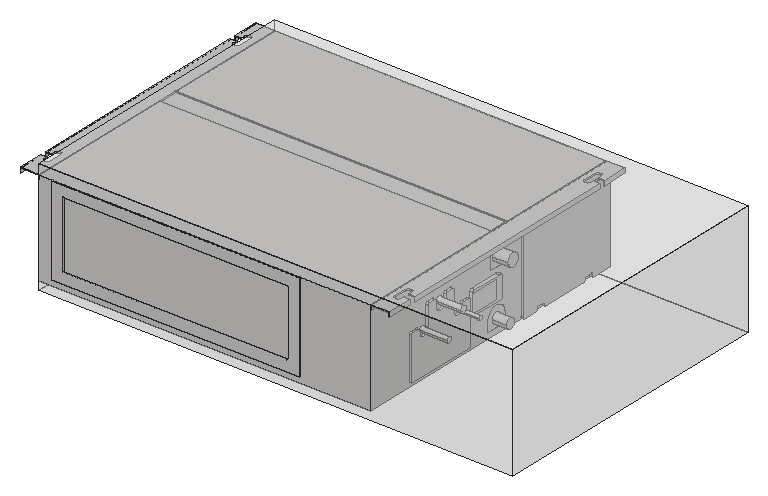
Revit family "outputfile", category 機械設備, Revit 2024
Family settings
  丸型コネクタ寸法 = 半径を使用
  パーツ タイプ = 標準
  OmniClass 番号 = 23.75.10.24.21.27.27
  OmniClass タイトル = Split System Air Conditioning Units
  作業面ベース = いいえ
  常に垂直 = はい
  ロード時にボイドで切り取り = いいえ
  注釈の向きを維持 = いいえ
  共有 = いいえ
  部屋計算ポイント = はい
Parameters (values of type "FPRSQ32APVM")
  Description = ""
  製造元 = "Daikin"
  書き出し IFC クラス(タイプ) = "IfcUnitaryEquipmentType"
  定義済み IFC タイプ(タイプ) = "AIRCONDITIONINGUNIT"
  Cost = 0
  モデル = "FPRSQ32APVM"
  Type Comments = ""
  Keynote = ""
  Type Image = (empty or 0)
  Assembly Code = ""
  r_HP/LP Gas Pipe Size = [HP/LP Gas Pipe Size] / 2  # 4.75 mm
  lw_suctionflange = 40.0 mm  # constant formula
  r_Liquid Pipe Size = Liquid Pipe Size / 2  # 3.2 mm
  r_Gas Pipe Size = Gas Pipe Size / 2  # 6.35 mm
  r_Drain Pipe Size = Drain Pipe Size / 2  # 13.0 mm
  lw_dischargeflange = 61.0 mm
  lw_SA_left = 351.0 mm
  lw_SA = Width - 178.0 mm  # 522.0 mm
  lw_RA = 618.0 mm
  lw_HP/LP Gas = 60.0 mm  # constant formula
  lh_suctionflange [instance] = if(Rear Connection_Return Air, -100.0 mm, -10.0 mm)  # -100.0 mm
  lh_power = 100.0 mm  # constant formula
  lh_mountinghole1 = lh_mountinghole  # 200.0 mm
  lh_dischargeflange = 105.5 mm  # constant formula
  lh_RA = 198.0 mm  # constant formula
  lh_HP/LP Gas = -103.0 mm  # constant formula
  left_pipe = no
  ld_dischargeflange = 310.0 mm  # constant formula
  ld_suctionflange [instance] = if(Rear Connection_Return Air, 190.0 mm, 100.0 mm)  # 190.0 mm
  ld_HP/LP Gas = 179.0 mm  # constant formula
  angle_vertical_RA [instance] = if(Rear Connection_Return Air, 90.00°, 0.00°)  # 90.00°
  angle horizontal_RA [instance] = if(Rear Connection_Return Air, 180.00°, 270.00°)  # 180.00°
  Voltage_comment_60Hz = "220-230"
  Voltage_comment_50Hz = "220 - 240"
  Voltage_60Hz = 220 V
  Voltage_50Hz = 230 V
  URL = ""
  Supply Air Direction [instance] = yes
  Sound Power Level_H speed (dB) = 0
  Rear Connection_Return Air [instance] = not(Bottom Connection_Return Air)  # yes
  ld_RA = 190.0 mm  # constant formula
  Phase_60Hz = 1
  Phase_50Hz = 1
  Minimum External Static Pressure = 0.00 Pa
  Minimum Circuit Amps_60Hz = 0.48 A
  Minimum Circuit Amps_50Hz = 0.48 A
  Maximum Fuse Amps_60Hz = 16.0 A
  Maximum Fuse Amps_50Hz = 16.0 A
  Maximum External Static Pressure = 10.00 Pa
  Material_Casing = DAIKIN_GalvanizedSteel_Casing_indoorunit
  lw_mountinghole = 740.0 mm
  lh_gaspipe = -67.0 mm  # constant formula
  lh_mountinghole = 200.0 mm  # constant formula
  lh_liquidpipe = -103.0 mm  # constant formula
  lh_drainpipe = -50.0 mm  # constant formula
  lh_antena = 1.0 mm  # constant formula
  ld_drainpipe = 23.0 mm  # constant formula
  ld_liquidpipe = 89.0 mm  # constant formula
  ld_gaspipe = 134.0 mm  # constant formula
  ld_mountinghole = 500.0 mm  # constant formula
  h*** = 100.0 mm  # constant formula
  lw_liquidpipe = 54.5 mm  # constant formula
  lw_gaspipe = 54.5 mm  # constant formula
  lw_drainpipe = 33.0 mm  # constant formula
  Width = 700.0 mm
  Version = "ver.1.0"
  Unit Type = "Moisture Control Intelligent 3D Air Flow Ceiling Mounted Duct Type"
  Unit Mass Weight = 24.00 kg
  Unit Designation [instance] = ""
  Uniclass2015Version = "Products v1.30"
  Uniclass2015Title = "Variable refrigerant flow units"
  Uniclass2015Code = "Pr_70_65_03_94"
  Total Cooling Capacity [instance] = 0.000 kW
  Sound Pressure Level_M speed (dBA) = 29
  Sound Pressure Level_L speed (dBA) = 25
  Sound Pressure Level_H speed (dBA) = 32
  Series = "VRV HOME_Fan Coil Unit"
  Sensible Cooling Capacity [instance] = 0.000 kW
  SA Duct Size Width = 456.0 mm
  SA Duct Size Height = 141.0 mm
  Refrigerant Type = "R410A"
  RA Duct Size Width = 580.0 mm
  RA Duct Size Height = 160.0 mm
  Power Input (Cooling) = 0.036 kW
  Option Accessory 3 [instance] = ""
  Option Accessory 2 [instance] = ""
  Option Accessory 1 [instance] = ""
  Nominal Cooling Capacity = 3.600 kW
  Minimum Airflow = 348.00 m³/h
  Median Airflow = 408.00 m³/h
  Maximum Airflow = 498.00 m³/h
  Load Classification = HVAC
  Liquid Pipe Size = 6.4 mm
  Link_Nested Family [instance] = ""
  IfcVersion = ""
  IfcExportType = "AIRCONDITIONINGUNIT"
  IfcExportAs = "IfcUnitaryEquipmentType"
  Height = 200.0 mm
  Heat Exchanger Type = "Cross Fin Coil"
  HP/LP Gas Pipe Size = 9.5 mm
  Gas Pipe Size = 12.7 mm
  Frequency_60Hz = 60 Hz
  Frequency_50Hz = 50 Hz
  Fan Type = "Sirocco Fan"
  Fan Drive = "Direct Drive"
  FCU Tag No. [instance] = ""
  Drain Pipe Size = 26.0 mm
  Design Supply Airflow [instance] = 0.00 m³/h
  Design Return Airflow [instance] = 0.00 m³/h
  Design External Static Pressure [instance] = 0.00 Pa
  Depth = 620.0 mm
  既定の高さ = 0.0 mm
  Cooling Entering Wet Bulb Temperature [instance] = 0.00 °C
  Cooling Entering Dry Bulb Temperature [instance] = 0.00 °C
  Cooling Ambient Wet Bulb Temperature [instance] = 0.00 °C
  Cooling Ambient Dry Bulb Temperature [instance] = 0.00 °C
  Clearance visibility [instance] = yes
  Clearance Top = 20.0 mm
  Clearance Right = 300.0 mm
  Clearance Rear = 0.0 mm
  Clearance Left = 0.0 mm
  Clearance Front = 0.0 mm
  Clearance Bottom = 20.0 mm
  Bottom Connection_Return Air [instance] = no
Reference planes
  plane 1 "Center (Front/Back)": y = 0
  plane 2 "h": z = 0
  plane 3 "Center (Left/Right)": x = 0
  plane 4 "Back": y = 310
  plane 5 "Front": y = -310
  plane 6 "Left": x = -350
  plane 7 "Reight": x = 350
  plane 8 "Top": z = 0
  plane 9 "Bottom": z = -200
  plane 10: z = 1.2
  plane 11: z = -2
  plane 12: y = -136.255
  plane 13: y = -88.831
  plane 14: x = -370
  plane 15 "lh_mountinghole": z = 0
  plane 16: z = -50
  plane 17: y = -250
  plane 18: y = 250
  plane 19 "ld_liquidpipe": y = -89
  plane 20 "ld_gaspipe": y = -134
  plane 21: y = -215
  plane 22 "ld_drainpipe": y = 23
  plane 23: x = -370
  plane 24: x = -350
  plane 25: x = 348.7
  plane 26: x = 383
  plane 27: x = 357
  plane 28: x = 360
  plane 29: x = 358
  plane 30: x = 370
  plane 31: y = 20
  plane 32: x = 380
  plane 33: x = 348
  plane 34: y = 310
  plane 35: y = -310
  plane 36: x = -350
  plane 37: x = 650
  plane 38: z = 20
  plane 39: z = -220
  plane 40: y = 335
  plane 41: z = -198
  plane 42: z = 205.102
  plane 43 "d_liquid_pipe": x = 404.5
  plane 44 "d_gas_pipe": x = 404.5
  plane 45 "ld_SA": y = -310
  plane 46: x = -350
  plane 47: x = -61
  plane 48: y = 500
  plane 49: z = -94.5
  plane 50: x = -349
  plane 51: z = -199
  plane 52: z = -1
  plane 53: y = 120
  plane 54: y = 110
  plane 55: z = -10
  plane 56 "RA_width": x = -40
  plane 57: y = 210
  plane 58 "RA_depth": y = 120
  plane 59: z = -100
  plane 60: x = -349
  plane 61: y = 309
  plane 62: x = 241.57
  plane 63: z = -30
  plane 64 "ld_HP/LP Gas": y = -179
  plane 65: x = 410
  plane 66: x = 330.5
  plane 67: y = 260.8
  plane 68 "h115": z = -84.79
  plane 69: y = 194.79
Forms (mm)
  Extrusion 1, solid, material "DAIKIN_GalvanizedSteel_Casing_indoorunit" <- "Material_Casing"
    sketch origin (0, 0, 0) x (1, 0, 0) y (0, 1, 0)
      loop
        line (-350, 310) -> (-350, -310) -> (350, -310) -> (350, 310) -> (-350, 310)
    from -200 to 0
  Extrusion 2, solid, material "DAIKIN_GalvanizedSteel_Casing_indoorunit" <- "Material_Casing"
    sketch origin (0, 0, 0) x (0, 1, 0) y (0, 0, 1)
      loop
        arc (22.012, -86.909) -> (21.133, -84.787) -> (19.012, -83.909) r 3
        line (19.012, -83.909) -> (-47.992, -83.909)
        arc (-47.992, -83.909) -> (-50.114, -84.788) -> (-50.992, -86.91) r 3
        line (-50.992, -86.91) -> (-50.992, -128.409)
        arc (-50.992, -128.409) -> (-50.114, -130.53) -> (-47.992, -131.409) r 3
        line (-47.992, -131.409) -> (19.012, -131.409)
        arc (19.012, -131.409) -> (21.133, -130.53) -> (22.012, -128.409) r 3
        line (22.012, -128.409) -> (22.012, -86.909)
    from 350 to 360
  Extrusion 3, void
    sketch origin (0, 0, 0) x (1, 0, 0) y (0, 1, 0)
      loop
        line (348.7, 48.53) -> (-350, 48.53) -> (-350, 6.27) -> (348.7, 6.27) -> (348.7, 48.53)
    from -2 to 0
  Extrusion 4, void
    sketch origin (0, 0, 0) x (0, 1, 0) y (0, 0, 1)
      loop
        line (-138.492, -87.409) -> (-138.492, -127.909) -> (9.612, -127.909) -> (9.612, -87.409) -> (-138.492, -87.409)
    from 358 to 360
  Extrusion 5, solid, material "DAIKIN_GalvanizedSteel_Casing_indoorunit" <- "Material_Casing"
    sketch origin (0, 0, 0) x (0, 1, 0) y (0, 0, 1)
      loop
        circle (20, -170) r 10
    from 350 to 380
  Extrusion 6, solid, material "DAIKIN_GalvanizedSteel_Casing_indoorunit" <- "Material_Casing"
    sketch origin (0, 0, 0) x (0, 1, 0) y (0, 0, 1)
      loop
        circle (23, -50) r 13
    from 348 to 383
  Extrusion 7, void
    sketch origin (0, 0, 0) x (0, 1, 0) y (0, 0, 1)
      loop
        arc (2.051, -70.461) -> (3.512, -73.988) -> (7.039, -75.449) r 4.988
        line (7.039, -75.449) -> (38.961, -75.449)
        arc (38.961, -75.449) -> (42.488, -73.988) -> (43.949, -70.461) r 4.988
        line (43.949, -70.461) -> (43.949, -34.039)
        arc (43.949, -34.039) -> (42.488, -30.512) -> (38.961, -29.051) r 4.988
        line (38.961, -29.051) -> (7.039, -29.051)
        arc (7.039, -29.051) -> (3.512, -30.512) -> (2.051, -34.039) r 4.988
        line (2.051, -34.039) -> (2.051, -70.461)
      loop
        arc (44.442, -169.501) -> (20.002, -145.061) -> (-4.438, -169.501) r 24.44
        line (-4.438, -169.501) -> (-4.438, -189.537) -> (44.442, -189.537) -> (44.442, -169.501)
    from 348 to 350
  Extrusion 8, solid
    sketch origin (0, 0, 0) x (0, 1, 0) y (0, 0, 1)
      loop
        circle (-89, -103) r 3.2
    from 350 to 404.5
  Extrusion 9, solid
    sketch origin (0, 0, 0) x (0, 1, 0) y (0, 0, 1)
      loop
        circle (-134, -67) r 6.35
    from 350 to 404.5
  Extrusion 10, solid, material "DAIKIN_GalvanizedSteel_Casing_indoorunit" <- "Material_Casing"
    sketch origin (0, 0, 0) x (1, 0, 0) y (0, 1, 0)
      loop
        circle (330.5, 260.8) r 17.5
    from -198 to -200
  Extrusion 11, void
    sketch origin (0, 0, 0) x (1, 0, 0) y (0, 0, 1)
      loop
        line (-349, -1) -> (-349, -199) -> (269, -199) -> (269, -1) -> (-349, -1)
    from -310 to -120
  Extrusion 12, void
    sketch origin (0, 0, 0) x (1, 0, 0) y (0, 1, 0)
      loop
        line (-349, 309) -> (-349, 111) -> (269, 111) -> (269, 309) -> (-349, 309)
    from -200 to -10
  Extrusion 13, solid, material "DAIKIN_GalvanizedSteel_Casing_indoorunit" <- "Material_Casing", visible <- "Rear Connection_Return Air"
    sketch origin (0, 0, 0) x (1, 0, 0) y (0, 1, 0)
      loop
        line (269, 309) -> (-349, 309) -> (-349, 111) -> (269, 111) -> (269, 309)
    from -200 to -199
  Extrusion 14, solid, material "DAIKIN_GalvanizedSteel_Casing_indoorunit" <- "Material_Casing", visible <- "Bottom Connection_Return Air"
    sketch origin (0, 0, 0) x (1, 0, 0) y (0, 0, 1)
      loop
        line (269, -1) -> (-349, -1) -> (-349, -199) -> (269, -199) -> (269, -1)
    from -310 to -300
  Extrusion 15, solid
    sketch origin (0, 0, 0) x (0, 1, 0) y (0, 0, 1)
      loop
        circle (-179, -103) r 4.75
    from 350 to 410
  Extrusion 16, solid, material "DAIKIN_GalvanizedSteel_Casing_indoorunit" <- "Material_Casing"
    sketch origin (0, 0, 0) x (0, 1, 0) y (0, 0, 1)
      loop
        arc (83.953, -195.012) -> (84.829, -197.128) -> (86.945, -198.005) r 2.993
        line (86.945, -198.005) -> (116.373, -198.005)
        arc (116.373, -198.005) -> (118.489, -197.128) -> (119.366, -195.012) r 2.993
        line (119.366, -195.012) -> (119.366, -188.29)
        arc (119.366, -188.29) -> (120.862, -186.794) -> (122.359, -188.29) r 1.496
        line (122.359, -188.29) -> (122.359, -190.333) -> (137.322, -190.333) -> (137.322, -188.29)
        arc (137.322, -188.29) -> (138.818, -186.794) -> (140.315, -188.29) r 1.496
        line (140.315, -188.29) -> (140.315, -195.012)
        arc (140.315, -195.012) -> (141.191, -197.128) -> (143.307, -198.005) r 2.993
        line (143.307, -198.005) -> (241.068, -198.005)
        arc (241.068, -198.005) -> (243.185, -197.128) -> (244.061, -195.012) r 2.993
        line (244.061, -195.012) -> (244.061, -188.29)
        arc (244.061, -188.29) -> (245.558, -186.794) -> (247.054, -188.29) r 1.496
        line (247.054, -188.29) -> (247.054, -190.333) -> (262.017, -190.333) -> (262.017, -188.29)
        arc (262.017, -188.29) -> (263.514, -186.794) -> (265.01, -188.29) r 1.496
        line (265.01, -188.29) -> (265.01, -195.012)
        arc (265.01, -195.012) -> (265.887, -197.128) -> (268.003, -198.005) r 2.993
        line (268.003, -198.005) -> (310, -198.005) -> (310, -22.445) -> (280.969, -22.445) -> (277.477, -25.937) -> (207.648, -25.937) -> (204.157, -22.445) -> (86.945, -22.445)
        arc (86.945, -22.445) -> (84.829, -23.322) -> (83.953, -25.438) r 2.993
        line (83.953, -25.438) -> (83.953, -195.012)
      loop
        arc (-116.44, -57.656) -> (-118.563, -58.535) -> (-119.443, -60.659) r 3.003
        line (-119.443, -60.659) -> (-119.443, -71.5)
        arc (-119.443, -71.5) -> (-134, -86.057) -> (-148.557, -71.5) r 14.557
        line (-148.557, -71.5) -> (-148.557, -60.659)
        arc (-148.557, -60.659) -> (-149.437, -58.535) -> (-151.56, -57.656) r 3.003
        line (-151.56, -57.656) -> (-164.073, -57.656)
        arc (-164.073, -57.656) -> (-166.196, -58.535) -> (-167.076, -60.659) r 3.003
        line (-167.076, -60.659) -> (-167.076, -103)
        arc (-167.076, -103) -> (-179.13, -115.055) -> (-191.185, -103) r 12.055
        line (-191.185, -103) -> (-191.185, -98.897)
        arc (-191.185, -98.897) -> (-192.064, -96.774) -> (-194.188, -95.894) r 3.003
        line (-194.188, -95.894) -> (-208.202, -95.894)
        arc (-208.202, -95.894) -> (-210.325, -96.774) -> (-211.205, -98.897) r 3.003
        line (-211.205, -98.897) -> (-211.205, -189.537) -> (-58.882, -189.537) -> (-58.882, -98.897)
        arc (-58.882, -98.897) -> (-59.762, -96.774) -> (-61.885, -95.894) r 3.003
        line (-61.885, -95.894) -> (-74.026, -95.894)
        arc (-74.026, -95.894) -> (-76.15, -96.774) -> (-77.029, -98.897) r 3.003
        line (-77.029, -98.897) -> (-77.029, -103)
        arc (-77.029, -103) -> (-88.977, -114.948) -> (-100.924, -103) r 11.948
        line (-100.924, -103) -> (-100.924, -60.659)
        arc (-100.924, -60.659) -> (-101.804, -58.535) -> (-103.927, -57.656) r 3.003
        line (-103.927, -57.656) -> (-116.44, -57.656)
    from 350 to 357
  Revolve 17, solid, material "DAIKIN_GalvanizedSteel_Casing_indoorunit" <- "Material_Casing", visible <- "left_pipe"
    sketch origin (0, 0, -84.79) x (0, 1, 0) y (-1, 0, 0)
      loop
        line (194.79, 350) -> (194.79, 365.7) -> (187.29, 365.7) -> (187.29, 358.7) -> (177.29, 358.7) -> (177.29, 350) -> (194.79, 350)
      axis (194.79, 365.7) -> (194.79, 350)
    angle from 0 to 360
Cuts and joins
  Extrusion 3, Extrusion 4, Extrusion 7, Extrusion 11, Extrusion 12 cuts Extrusion 1
  Extrusion 4 cuts Extrusion 2
  Extrusion 11 cuts Extrusion 6
Dimensions and locks
  "Height": plane 8 "Top" to plane 9 "Bottom"
  locked: plane 10 to plane 8 "Top" at 1.2
  locked: plane 8 "Top" to plane 11 at 2
  equal spacing: plane 17, plane 1 "Center (Front/Back)", plane 18
  "ld_mountinghole": plane 17 to plane 18
  "ld_gaspipe": plane 20 "ld_gaspipe" to plane 1 "Center (Front/Back)"
  "ld_liquidpipe": plane 19 "ld_liquidpipe" to plane 1 "Center (Front/Back)"
  equal spacing: plane 4 "Back", plane 1 "Center (Front/Back)", plane 5 "Front"
  "Depth": plane 4 "Back" to plane 5 "Front"
  locked: plane 12 to plane 1 "Center (Front/Back)" at 136.255
  locked: plane 12 to plane 13 at 47.425
  locked: plane 13 to plane 1 "Center (Front/Back)" at 88.831
  equal spacing: plane 6 "Left", plane 3 "Center (Left/Right)", plane 7 "Reight"
  "Width": plane 6 "Left" to plane 7 "Reight"
  "lw_drainpipe": plane 7 "Reight" to plane 26
  locked: plane 7 "Reight" to plane 27 at 7
  locked: plane 28 to plane 26 at 23
  locked: plane 29 to plane 26 at 25
  equal spacing: plane 23, plane 3 "Center (Left/Right)", plane 30
  "lw_mountinghole": plane 23 to plane 30
  locked: plane 7 "Reight" to plane 32 at 30
  locked: plane 33 to plane 7 "Reight" at 2
  "Clearance Left": plane 36 to plane 6 "Left"
  "Clearance Right": plane 7 "Reight" to plane 37
  "Clearance Rear": plane 34 to plane 4 "Back"
  "Clearance Front": plane 5 "Front" to plane 35
  "Clearance Top": plane 38 to plane 8 "Top"
  "Clearance Bottom": plane 9 "Bottom" to plane 39
  locked: plane 40 to plane 4 "Back" at 25
  locked: plane 25 to plane 7 "Reight" at 1.3
  locked: plane 41 to plane 9 "Bottom" at 2
  "lw_liquidpipe": plane 7 "Reight" to plane 43 "d_liquid_pipe"
  "lw_gaspipe": plane 7 "Reight" to plane 44 "d_gas_pipe"
  "lh_mountinghole": plane 15 "lh_mountinghole" to plane 9 "Bottom"
  "ld_suctionflange": plane 48 to plane 4 "Back"
  "lw_dischargeflange": plane 47 to plane 3 "Center (Left/Right)"
  "lh_dischargeflange": plane 49 to plane 9 "Bottom"
  locked: plane 8 "Top" to plane 52 at 1
  locked: plane 50 to plane 6 "Left" at 1
  locked: plane 51 to plane 9 "Bottom" at 1
  locked: plane 55 to plane 9 "Bottom" at 190
  locked: plane 4 "Back" to plane 53 at 190
  locked: plane 4 "Back" to plane 54 at 200
  locked: plane 4 "Back" to plane 57 at 100
  "lw_suctionflange": plane 56 "RA_width" to plane 3 "Center (Left/Right)"
  "ld_suctionflange": plane 4 "Back" to plane 58 "RA_depth"
  "lh_power": plane 59 to plane 9 "Bottom"
  locked: plane 46 to plane 60 at 1
  locked: plane 34 to plane 61 at 1
  locked: plane 8 "Top" to plane 63 at 30
  locked: plane 7 "Reight" to plane 62 at 108.43
  locked: plane 16 to plane 9 "Bottom" at 150
  locked: Extrusion 3 sketch curve to Extrusion 3 sketch curve at 42.26
  "ld_HP/LP Gas": plane 64 "ld_HP/LP Gas" to plane 1 "Center (Front/Back)"
  "ld_drainpipe": plane 1 "Center (Front/Back)" to plane 22 "ld_drainpipe"
  locked: plane 1 "Center (Front/Back)" to plane 31 at 20
  locked: Extrusion 5 sketch curve to plane 9 "Bottom" at 30
  Extrusion 15 sketch curve to plane 9 "Bottom" = 97.0 mm
  "lw_HP/LP Gas": plane 7 "Reight" to plane 65
  locked: Extrusion 9 sketch curve to plane 9 "Bottom" at 133
  locked: Extrusion 8 sketch curve to plane 9 "Bottom" at 97
  plane 66 to plane 7 "Reight" = 19.5 mm
  locked: plane 68 "h115" to plane 9 "Bottom" at 115.21
  locked: plane 4 "Back" to plane 69 at 115.21
  Revolve 17 sketch curve to plane 6 "Left" = 8.7 mm
  Revolve 17 sketch curve to plane 6 "Left" = 15.7 mm
  locked: plane 69 to Revolve 17 sketch curve at 17.5
  locked: plane 69 to Revolve 17 sketch curve at 7.5
  "ld_dischargeflange": plane 45 "ld_SA" to plane 1 "Center (Front/Back)"
  plane 4 "Back" to cut or joined group of Extrusion 1, Extrusion 3, Extrusion 4, Extrusion 7, Extrusion 11, Extrusion 12 = 261.47 mm
  plane 4 "Back" to plane 67 = 49.2 mm
  "Drain Pipe Size": diameter of Extrusion 6 sketch curve
  "Liquid Pipe Size": diameter of Extrusion 8 sketch curve
  "Gas Pipe Size": diameter of Extrusion 9 sketch curve
  "HP/LP Gas Pipe Size": diameter of Extrusion 15 sketch curve
  aligned and locked: level to plane 2 "h"
  aligned and locked: plane 8 "Top" to Extrusion 1
  aligned and locked: Extrusion 1 to plane 9 "Bottom"
  aligned and locked: Extrusion 3 to plane 11
  aligned and locked: plane 8 "Top" to Extrusion 3
  aligned and locked: Extrusion 2 to Extrusion 4
  aligned and locked: nested 3 to plane 20 "ld_gaspipe"
  aligned and locked: nested 4 to plane 19 "ld_liquidpipe"
  aligned and locked: nested 5 to plane 22 "ld_drainpipe"
  aligned and locked: nested 1 to plane 7 "Reight"
  aligned and locked: plane 6 "Left" to plane 24
  aligned and locked: Extrusion 3 sketch curve to plane 24
  aligned and locked: Extrusion 3 sketch curve to plane 25
  aligned and locked: cut or joined group of Extrusion 1, Extrusion 3, Extrusion 4, Extrusion 7, Extrusion 11, Extrusion 12 to plane 6 "Left"
  aligned and locked: plane 7 "Reight" to cut or joined group of Extrusion 1, Extrusion 3, Extrusion 4, Extrusion 7, Extrusion 11, Extrusion 12
  aligned and locked: plane 26 to Extrusion 6
  aligned and locked: Extrusion 6 to plane 26  (x2)
  aligned and locked: plane 7 "Reight" to nested 1
  aligned and locked: plane 28 to cut or joined group of Extrusion 2, Extrusion 4
  aligned and locked: cut or joined group of Extrusion 2, Extrusion 4 to plane 29
  aligned and locked: nested 2 to plane 6 "Left"
  aligned and locked: plane 31 to Extrusion 5 sketch curve
  aligned and locked: Extrusion 5 to plane 7 "Reight"
  aligned and locked: plane 32 to Extrusion 5
  aligned and locked: Extrusion 2 to plane 7 "Reight"
  aligned and locked: plane 7 "Reight" to Extrusion 7
  aligned and locked: plane 33 to Extrusion 7
  aligned and locked: plane 33 to Extrusion 6
  aligned and locked: plane 3 "Center (Left/Right)" to nested 6
  aligned and locked: plane 1 "Center (Front/Back)" to nested 6
  aligned and locked: plane 4 "Back" to cut or joined group of Extrusion 1, Extrusion 3, Extrusion 4, Extrusion 7, Extrusion 11, Extrusion 12
  aligned and locked: nested 7 to plane 35
  aligned and locked: plane 36 to nested 7
  aligned and locked: plane 37 to nested 7
  aligned and locked: nested 7 to plane 36
  aligned and locked: plane 34 to nested 7
  aligned and locked: plane 38 to nested 7
  aligned and locked: plane 39 to nested 7
  aligned and locked: Extrusion 8 to plane 7 "Reight"
  aligned and locked: plane 43 "d_liquid_pipe" to Extrusion 8
  aligned and locked: plane 20 "ld_gaspipe" to Extrusion 9 sketch curve
  aligned and locked: Extrusion 9 to plane 7 "Reight"
  aligned and locked: plane 44 "d_gas_pipe" to Extrusion 9
  aligned and locked: plane 44 "d_gas_pipe" to nested 3
  aligned and locked: plane 43 "d_liquid_pipe" to nested 4
  aligned and locked: plane 19 "ld_liquidpipe" to Extrusion 8 sketch curve
  aligned and locked: plane 15 "lh_mountinghole" to nested 2
  aligned and locked: plane 15 "lh_mountinghole" to nested 1
  aligned and locked: plane 30 to nested 8
  aligned and locked: plane 17 to nested 8
  aligned and locked: plane 30 to nested 11
  aligned and locked: plane 18 to nested 11
  aligned and locked: plane 23 to nested 9
  aligned and locked: plane 18 to nested 9
  aligned and locked: plane 23 to nested 10
  aligned and locked: plane 17 to nested 10
  aligned and locked: plane 47 to nested 12
  aligned and locked: plane 49 to nested 12
  aligned and locked: Extrusion 10 to plane 9 "Bottom"
  aligned and locked: nested 13 to plane 9 "Bottom"
  aligned and locked: plane 50 to Extrusion 11 sketch curve
  aligned and locked: Extrusion 11 sketch curve to plane 52
  aligned and locked: plane 51 to Extrusion 11 sketch curve
  aligned and locked: plane 4 "Back" to Extrusion 11
  aligned and locked: Extrusion 12 to plane 9 "Bottom"
  aligned and locked: plane 55 to Extrusion 12
  aligned and locked: Extrusion 13 sketch curve to cut or joined group of Extrusion 1, Extrusion 3, Extrusion 4, Extrusion 7, Extrusion 11, Extrusion 12
  aligned and locked: cut or joined group of Extrusion 1, Extrusion 3, Extrusion 4, Extrusion 7, Extrusion 11, Extrusion 12 to Extrusion 13 sketch curve
  aligned and locked: Extrusion 13 to plane 9 "Bottom"
  aligned and locked: Extrusion 11 to plane 53
  aligned and locked: Extrusion 14 sketch curve to cut or joined group of Extrusion 1, Extrusion 3, Extrusion 4, Extrusion 7, Extrusion 11, Extrusion 12  (x3)
  aligned and locked: plane 4 "Back" to Extrusion 14
  aligned and locked: Extrusion 13 to cut or joined group of Extrusion 1, Extrusion 3, Extrusion 4, Extrusion 7, Extrusion 11, Extrusion 12
  aligned and locked: plane 7 "Reight" to nested 5
  aligned and locked: plane 22 "ld_drainpipe" to nested 5
  aligned and locked: nested 2 to plane 1 "Center (Front/Back)"
  aligned and locked: plane 22 "ld_drainpipe" to Extrusion 6 sketch curve
  aligned and locked: plane 7 "Reight" to nested 17
  aligned and locked: plane 64 "ld_HP/LP Gas" to nested 17
  aligned and locked: plane 64 "ld_HP/LP Gas" to Extrusion 15 sketch curve
  aligned and locked: Extrusion 15 to plane 65
  aligned and locked: Extrusion 16 to plane 7 "Reight"
  aligned and locked: Extrusion 16 to plane 27
  aligned and locked: plane 67 to Extrusion 10 sketch curve
  aligned and locked: plane 66 to Extrusion 10 sketch curve
  aligned and locked: plane 66 to nested 13
  aligned and locked: plane 67 to nested 13
  aligned and locked: Extrusion 13 sketch curve to nested 16
  aligned and locked: plane 56 "RA_width" to nested 15
  aligned and locked: Extrusion 15 to plane 7 "Reight"
  aligned and locked: plane 56 "RA_width" to nested 16
  aligned and locked: Revolve 17 sketch curve to plane 69  (x2)
  aligned and locked: nested 15 to plane 58 "RA_depth"
  aligned and locked: plane 47 to nested 18
  aligned and locked: nested 18 to plane 49
  aligned and locked: plane 1 "Center (Front/Back)" to nested 12
  aligned and locked: plane 45 "ld_SA" to nested 18
  aligned and locked: plane 5 "Front" to Extrusion 1 sketch curve
Automatic sketch dimensions
  Extrusion 1 sketch curve to plane 6 "Left" = 0.0 mm
  Extrusion 1 sketch curve to plane 7 "Reight" = 0.0 mm
  Extrusion 1 sketch curve to plane 4 "Back" = 0.0 mm
  plane 6 "Left" to Extrusion 12 sketch curve = 1.0 mm
  Extrusion 12 sketch curve to plane 7 "Reight" = 81.0 mm
  Extrusion 12 sketch curve to plane 4 "Back" = 1.0 mm
  Extrusion 13 sketch curve to plane 4 "Back" = 1.0 mm
  plane 33 to Extrusion 14 sketch curve = 79.0 mm
  plane 33 to Extrusion 11 sketch curve = 79.0 mm
  plane 54 to Extrusion 12 sketch curve = 1.0 mm
  Extrusion 6 sketch curve to plane 16 = 0.0 mm
  Extrusion 2 sketch curve to Extrusion 2 sketch curve = 3.0 mm  (x5)
  Extrusion 2 sketch curve to plane 49 = 7.591 mm
  Extrusion 4 sketch curve to plane 49 = 7.091 mm
  Extrusion 4 sketch curve to plane 1 "Center (Front/Back)" = 9.612 mm
  plane 20 "ld_gaspipe" to Extrusion 4 sketch curve = 4.492 mm
  Extrusion 4 sketch curve to plane 59 = 27.909 mm
  plane 22 "ld_drainpipe" to Extrusion 2 sketch curve = 3.988 mm
  Extrusion 2 sketch curve to plane 59 = 28.409 mm
  Extrusion 2 sketch curve to plane 19 "ld_liquidpipe" = 41.008 mm
  plane 1 "Center (Front/Back)" to Extrusion 7 sketch curve = 4.438 mm
  Extrusion 7 sketch curve to plane 1 "Center (Front/Back)" = 2.051 mm
  plane 63 to Extrusion 7 sketch curve = 0.949 mm
  Extrusion 7 sketch curve to plane 1 "Center (Front/Back)" = 7.039 mm  (x2)
  plane 22 "ld_drainpipe" to Extrusion 7 sketch curve = 2.998 mm
  Extrusion 7 sketch curve to plane 22 "ld_drainpipe" = 15.961 mm  (x2)
  Extrusion 7 sketch curve to Extrusion 7 sketch curve = 4.988 mm
  Extrusion 7 sketch curve to plane 49 = 24.039 mm
  plane 41 to Extrusion 7 sketch curve = 28.499 mm
  plane 41 to Extrusion 7 sketch curve = 8.463 mm
  Extrusion 16 sketch curve to plane 21 = 3.795 mm  (x2)
  Extrusion 16 sketch curve to Extrusion 16 sketch curve = 3.003 mm  (x6)
  plane 49 to Extrusion 16 sketch curve = 1.394 mm  (x4)
  Extrusion 16 sketch curve to Extrusion 16 sketch curve = 0.0 mm  (x18)
  plane 49 to Extrusion 16 sketch curve = 4.397 mm  (x2)
  Extrusion 16 sketch curve to Extrusion 16 sketch curve = 14.014 mm
  Extrusion 16 sketch curve to plane 64 "ld_HP/LP Gas" = 0.13 mm
  plane 64 "ld_HP/LP Gas" to Extrusion 16 sketch curve = 11.924 mm
  Extrusion 16 sketch curve to Extrusion 16 sketch curve = 12.513 mm  (x2)
  plane 20 "ld_gaspipe" to Extrusion 16 sketch curve = 0.0 mm
  Extrusion 16 sketch curve to plane 59 = 3.0 mm  (x3)
  plane 19 "ld_liquidpipe" to Extrusion 16 sketch curve = 11.924 mm
  Extrusion 16 sketch curve to plane 19 "ld_liquidpipe" = 0.023 mm
  Extrusion 16 sketch curve to Extrusion 16 sketch curve = 12.141 mm
  plane 41 to Extrusion 16 sketch curve = 8.463 mm
  Extrusion 16 sketch curve to plane 19 "ld_liquidpipe" = 30.118 mm
  plane 63 to Extrusion 16 sketch curve = 4.562 mm
  Extrusion 16 sketch curve to plane 53 = 36.047 mm
  Extrusion 16 sketch curve to Extrusion 16 sketch curve = 2.993 mm  (x4)
  Extrusion 16 sketch curve to plane 41 = 0.005 mm  (x3)
  Extrusion 16 sketch curve to plane 53 = 3.627 mm
  Extrusion 16 sketch curve to plane 53 = 0.634 mm
  plane 53 to Extrusion 16 sketch curve = 0.862 mm
  Extrusion 16 sketch curve to Extrusion 16 sketch curve = 14.963 mm
  Extrusion 16 sketch curve to Extrusion 16 sketch curve = 1.496 mm  (x3)
  Extrusion 16 sketch curve to plane 57 = 5.843 mm
  Extrusion 16 sketch curve to plane 57 = 2.352 mm
  plane 18 to Extrusion 16 sketch curve = 8.932 mm
  plane 18 to Extrusion 16 sketch curve = 5.939 mm
  Extrusion 16 sketch curve to plane 18 = 12.017 mm
  plane 63 to Extrusion 16 sketch curve = 4.063 mm
  Extrusion 16 sketch curve to plane 18 = 27.477 mm
  Extrusion 16 sketch curve to Extrusion 16 sketch curve = 3.491 mm
  Extrusion 16 sketch curve to plane 4 "Back" = 0.0 mm
  Extrusion 16 sketch curve to Extrusion 16 sketch curve = 4.679 mm  (x2)
  Extrusion 16 sketch curve to Extrusion 16 sketch curve = 2.042 mm  (x4)
  Extrusion 16 sketch curve to plane 49 = 23.0 mm
  Extrusion 16 sketch curve to Extrusion 16 sketch curve = 10.841 mm  (x4)
  plane 63 to Extrusion 16 sketch curve = 7.555 mm
  Revolve 17 sketch curve to plane 6 "Left" = 0.0 mm
  plane 60 to Revolve 17 sketch curve = 53.3 mm
  Revolve 17 sketch curve to plane 14 = 10.7 mm
  Extrusion 3 sketch curve to plane 1 "Center (Front/Back)" = 6.27 mm
  radius of Extrusion 5 sketch curve = 10.0 mm
  radius of Extrusion 10 sketch curve = 17.5 mm
Nested families
  nested 1: "daikin_hangerfixture_FPRSQ-APVM" at (350, 0, 0), type "daikin_hangerfixture_FPRSQ-APVM"
  nested 2: "daikin_hangerfixture_FPRSQ-APVM" at (-350, 0, 0) x (-1, 0, 0) z (0, 0, 1), type "daikin_hangerfixture_FPRSQ-APVM"
  nested 3: "daikin_connector_rotate2" at (350, -134, -67) x (0, 1, 0) z (0, 0, 1), length <- "lw_gaspipe", built-in parameter 1001364 <- "lh_gaspipe", type "daikin_connector_rotate2"
    with radius 6.35 mm, length 54.5 mm, angle_vertical 90.00°
  nested 4: "daikin_connector_rotate2" at (350, -89, -103) x (0, 1, 0) z (0, 0, 1), length <- "lw_liquidpipe", built-in parameter 1001364 <- "lh_liquidpipe", type "daikin_connector_rotate2"
    with radius 3.2 mm, length 54.5 mm, angle_vertical 90.00°
  nested 5: "daikin_connector_rotate2" at (350, 23, -50) x (0, 1, 0) z (0, 0, 1), length <- "lw_drainpipe", built-in parameter 1001364 <- "lh_drainpipe", type "daikin_connector_rotate2"
    with radius 10.0 mm, length 33.0 mm, angle_vertical 90.00°
  nested 6: "daikin_△_symbolicline" at (0, 0, 200), built-in parameter 1001364 <- "Height", visible <- "Supply Air Direction", type "daikin_△_symbolicline"
    with length 200.0 mm
  nested 7: "daikin_clearancespace" at (150, 0, -99.881), visible <- "Clearance visibility", show <- "Clearance visibility", Link_Nested Family <- "Link_Nested Family", type "daikin_clearancespace"
    with width 1000.0 mm, show yes, height 240.0 mm, depth 620.0 mm, Link_Nested Family ""
  nested 8: "daikin_mountinghole" at (370, -250, -200), l_antenna <- "lh_antena", Link_Nested Family <- "Link_Nested Family", h_mountinghole <- "lh_mountinghole1", type "daikin_mountinghole"
    with show yes, l_antenna 1.0 mm, h_mountinghole 200.0 mm, Link_Nested Family ""
  nested 9: "daikin_mountinghole" at (-370, 250, -200), l_antenna <- "lh_antena", Link_Nested Family <- "Link_Nested Family", h_mountinghole <- "lh_mountinghole1", type "daikin_mountinghole"
    with show yes, l_antenna 1.0 mm, h_mountinghole 200.0 mm, Link_Nested Family ""
  nested 10: "daikin_mountinghole" at (-370, -250, -200), l_antenna <- "lh_antena", Link_Nested Family <- "Link_Nested Family", h_mountinghole <- "lh_mountinghole1", type "daikin_mountinghole"
    with show yes, l_antenna 1.0 mm, h_mountinghole 200.0 mm, Link_Nested Family ""
  nested 11: "daikin_mountinghole" at (370, 250, -200), l_antenna <- "lh_antena", Link_Nested Family <- "Link_Nested Family", h_mountinghole <- "lh_mountinghole1", type "daikin_mountinghole"
    with show yes, l_antenna 1.0 mm, h_mountinghole 200.0 mm, Link_Nested Family ""
  nested 12: "daikin_connector_rotate2" at (-61, 0, -94.5), length <- "ld_dischargeflange", type "daikin_connector_rotate2"
    with radius 10.0 mm, length 310.0 mm, angle_vertical 90.00°
  nested 13: "daikin_connector_rotate2" at (330.5, 260.8, -100) x (1, 0, 0) z (0, -1, 0), length <- "lh_power", type "daikin_connector_rotate2"
    with radius 10.0 mm, length 100.0 mm, angle_vertical 90.00°
  nested 14: "daikin_ductflange_FPRSQ-APVM2" at (-40, 310, -199), height <- "lh_RA", width <- "lw_RA", visible <- "Rear Connection_Return Air", type "daikin_ductflange_FPRSQ-APVM2"
    with width 618.0 mm, height 198.0 mm, depth 8.188 mm
  nested 15: "daikin_connector_rotate3" at (-40, 120, -100), built-in parameter 1001364 <- "lh_suctionflange", length <- "ld_RA", angle_vertical <- "angle_vertical_RA", angle_horizontal <- "angle horizontal_RA", type "daikin_connector_rotate3"
    with show no, radius 10.0 mm, length 190.0 mm, angle_vertical 90.00°, angle_horizontal 180.00°
  nested 16: "daikin_ductflange_FPRSQ-APVM2" at (-40, 111, -200) x (1, 0, 0) z (0, 1, 0), width <- "lw_RA", height <- "lh_RA", visible <- "Bottom Connection_Return Air", type "daikin_ductflange_FPRSQ-APVM2"
    with width 618.0 mm, height 198.0 mm, depth 562.323 mm
  nested 17: "daikin_connector_rotate2" at (350, -179, -103) x (0, 1, 0) z (0, 0, 1), length <- "lw_HP/LP Gas", built-in parameter 1001364 <- "lh_HP/LP Gas", type "daikin_connector_rotate2"
    with radius 4.8 mm, length 60.0 mm, angle_vertical 90.00°
  nested 18: "daikin_ductflange_FPRSQ-APVM3" at (-61, -310, -193.5), height <- "lh_RA", width <- "lw_SA", type "daikin_ductflange_FPRSQ-APVM3"
    with width 522.0 mm, height 198.0 mm, depth 1.0 mm
Connectors
  piping at (404.5, -134, -67), diameter 12.7, driven by "r_Gas Pipe Size"
    settings: on nested 3, index 3, connector inside diameter 609.6 mm, connector length 0.0 mm, flow factor 0, pipe flow 0.00 m³/h, pressure drop 0.0 Pa, fitting loss kfactor 0, connector angle 0.00°, fixture units 0, engagement length 0.0 mm, angle of deflection 0.00°, flow configuration 1, flow direction 2, fitting loss method 0, system type 29, joint type 0, gender type 0, connector reference index -1, connector utility 0, adjustable connector no, is connector primary yes, connector description "Refrigerant Gas Piping"
  piping at (404.5, -89, -103), diameter 6.4, driven by "r_Liquid Pipe Size"
    settings: on nested 4, index 4, connector inside diameter 609.6 mm, connector length 0.0 mm, flow factor 0, pipe flow 0.00 m³/h, pressure drop 0.0 Pa, fitting loss kfactor 0, connector angle 0.00°, fixture units 0, engagement length 0.0 mm, angle of deflection 0.00°, flow configuration 1, flow direction 1, fitting loss method 0, system type 29, joint type 0, gender type 0, connector reference index -1, connector utility 0, adjustable connector no, is connector primary no, connector description "Refrigerant Liquid Piping"
  piping at (383, 23, -50), diameter 26, driven by "r_Drain Pipe Size"
    settings: on nested 5, index 5, connector inside diameter 609.6 mm, connector length 0.0 mm, flow factor 0, pipe flow 0.00 m³/h, pressure drop 0.0 Pa, fitting loss kfactor 0, connector angle 0.00°, fixture units 0, engagement length 0.0 mm, angle of deflection 0.00°, flow configuration 1, flow direction 2, fitting loss method 4, system type 16, joint type 0, gender type 0, connector reference index -1, connector utility 0, adjustable connector no, is connector primary no, connector description "Condensate Drain Piping"
  electrical at (330.5, 260.8, -200), driven by "Load Classification"
    settings: on nested 13, index 12, voltage 0 V, apparent load 0 VA, apparent load phase1 0 VA, apparent load phase2 0 VA, apparent load phase3 0 VA, power factor 1, load classification "HVAC", number of poles 1, system type 30, power factor state 1, is connector primary yes, connector utility no, sub classification motor no, connector description "Power Supply"
  hvac at (-40, 310, -100), driven by "RA Duct Size Height", driven by "RA Duct Size Width"
    settings: on nested 15, index 13, duct flow 0.00 m³/h, flow factor 0, pres drop 0.00 Pa, loss coef 0, conn angle 0.00°, conn width 580.0 mm, conn height 160.0 mm, conn diameter 609.6 mm, duct sys type 2, conn prof type 1, flow config 0, flow direction 1, loss method 4, conn ref index -1, conn util no, is conn primary yes, conn desc "RA Duct"
  piping at (410, -179, -103), diameter 9.5, driven by "r_HP/LP Gas Pipe Size"
    settings: on nested 17, index 14, connector inside diameter 609.6 mm, connector length 0.0 mm, flow factor 0, pipe flow 0.00 m³/h, pressure drop 0.0 Pa, fitting loss kfactor 0, connector angle 0.00°, fixture units 0, engagement length 0.0 mm, angle of deflection 0.00°, flow configuration 1, flow direction 0, fitting loss method 0, system type 29, joint type 0, gender type 0, connector reference index -1, connector utility 0, adjustable connector no, is connector primary no, connector description "Refrigerant HP/LP Gas Piping"
  hvac at (-61, -310, -94.5), driven by "SA Duct Size Height", driven by "SA Duct Size Width"
    settings: on nested 12, index 15, duct flow 0.00 m³/h, flow factor 0, pres drop 0.00 Pa, loss coef 0, conn angle 0.00°, conn width 456.0 mm, conn height 141.0 mm, conn diameter 609.6 mm, duct sys type 1, conn prof type 1, flow config 0, flow direction 2, loss method 4, conn ref index -1, conn util no, is conn primary no, conn desc "SA Duct"
Definition of nested family "daikin_hangerfixture_FPRSQ-APVM"
  Parameters (values of type "daikin_hangerfixture_FXDSQ-AVM")
    width = 40.0 mm
    material = none
    height = 10.0 mm
    depth = 620.0 mm
    Default Elevation = 0.0 mm
  Reference planes
    plane 1 "Center (Front/Back)": y = 0
    plane 2: z = 0
    plane 3 "Center (Left/Right)": x = 0
    plane 4: y = 417.146
    plane 5: z = -1.6
    plane 6: x = 40
    plane 7: y = 310
    plane 8: y = -310
    plane 9: y = -313.5
    plane 10: y = 313.5
    plane 11: z = -10
    plane 12: x = 1.5
  Forms (mm)
    Extrusion 1, solid, material <- "material"
      sketch origin (0, 0, 0) x (1, 0, 0) y (0, 1, 0)
        loop
          line (12.981, 236.965) -> (12.981, 263.035)
          arc (12.981, 263.035) -> (20, 270.054) -> (27.019, 263.035) r 7.019
          line (27.019, 263.035) -> (27.019, 256.518) -> (40, 256.518) -> (40, 310) -> (0, 310) -> (0, -310) -> (40, -310) -> (40, -256.518) -> (27.019, -256.518) -> (27.019, -263.035)
          arc (27.019, -263.035) -> (20, -270.054) -> (12.981, -263.035) r 7.019
          line (12.981, -263.035) -> (12.981, -236.965)
          arc (12.981, -236.965) -> (20, -229.946) -> (27.019, -236.965) r 7.019
          line (27.019, -236.965) -> (27.019, -243.482) -> (40, -243.482) -> (40, 243.482) -> (27.019, 243.482) -> (27.019, 236.965)
          arc (27.019, 236.965) -> (20, 229.946) -> (12.981, 236.965) r 7.019
      from -1.6 to 0
    Extrusion 2, solid, material <- "material"
      sketch origin (0, 0, 0) x (0, 1, 0) y (0, 0, 1)
        loop
          line (310, -10) -> (310, 0) -> (-310, 0) -> (-310, -10) -> (310, -10)
      from 0 to 1.5
    Extrusion 3, solid, material <- "material"
      sketch origin (0, 0, 0) x (0, 1, 0) y (0, 0, 1)
        loop
          line (-310, -10) -> (-256.518, -10) -> (-256.518, 0) -> (-310, 0) -> (-310, -10)
        loop
          line (310, -10) -> (310, 0) -> (256.518, 0) -> (256.518, -10) -> (310, -10)
        loop
          line (-243.482, 0) -> (-243.482, -10) -> (243.482, -10) -> (243.482, 0) -> (-243.482, 0)
      from 38.442 to 40
  Cuts and joins
    joined: Extrusion 1, Extrusion 2, Extrusion 3
  Dimensions and locks
    "width": plane 3 "Center (Left/Right)" to plane 6
    "depth": plane 8 to plane 7
    equal spacing: plane 8, plane 1 "Center (Front/Back)", plane 7
    locked: plane 9 to plane 8 at 3.5
    locked: plane 7 to plane 10 at 3.5
    "height": level to plane 11
    locked: plane 12 to plane 3 "Center (Left/Right)" at 1.5
    locked: Extrusion 3 to plane 6 at 1.558
    aligned and locked: level to plane 2
    aligned and locked: level to Extrusion 1
    aligned and locked: Extrusion 1 to plane 5
    aligned and locked: level to Extrusion 2 sketch curve
    aligned and locked: plane 12 to Extrusion 2
    aligned and locked: level to Extrusion 3 sketch curve
    aligned and locked: plane 6 to cut or joined group of Extrusion 1, Extrusion 2, Extrusion 3
    aligned and locked: cut or joined group of Extrusion 1, Extrusion 2, Extrusion 3 to plane 11
  Automatic sketch dimensions
    Extrusion 2 sketch curve to plane 7 = 0.0 mm
    Extrusion 1 sketch curve to plane 3 "Center (Left/Right)" = 0.0 mm
    Extrusion 1 sketch curve to plane 6 = 0.0 mm  (x3)
    plane 8 to Extrusion 1 sketch curve = 0.0 mm
    plane 7 to Extrusion 1 sketch curve = 0.0 mm
    plane 12 to Extrusion 1 sketch curve = 11.481 mm  (x2)
    Extrusion 1 sketch curve to Extrusion 1 sketch curve = 7.019 mm  (x4)
    Extrusion 1 sketch curve to plane 8 = 46.965 mm
    Extrusion 1 sketch curve to Extrusion 1 sketch curve = 6.518 mm  (x4)
    Extrusion 1 sketch curve to Extrusion 1 sketch curve = 13.035 mm  (x2)
    plane 7 to Extrusion 1 sketch curve = 73.035 mm
    Extrusion 3 sketch curve to plane 8 = 0.0 mm
    Extrusion 3 sketch curve to level = 0.0 mm  (x2)
    Extrusion 3 sketch curve to plane 7 = 0.0 mm
    Extrusion 3 sketch curve to plane 8 = 53.482 mm
    Extrusion 3 sketch curve to Extrusion 3 sketch curve = 13.035 mm  (x2)
    plane 7 to Extrusion 3 sketch curve = 66.518 mm
    Extrusion 2 sketch curve to plane 8 = 0.0 mm
    Extrusion 2 sketch curve to plane 11 = 0.0 mm
    Extrusion 3 sketch curve to plane 11 = 0.0 mm  (x3)
Definition of nested family "daikin_clearancespace"
  Parameters (values of type "daikin_clearancespace")
    Description = "daikin_clearancespace"
    width [instance] = 1823.963 mm
    show [instance] = yes
    material = none
    height [instance] = 1359.762 mm
    depth [instance] = 880.0 mm
    Default Elevation = 0.0 mm
    Link_Nested Family [instance] = ""
  Reference planes
    plane 1 "Center (Front/Back)": y = 0
    plane 2 "Center (Elevation)": z = -0.119
    plane 3 "Center (Left/Right)": x = 0
    plane 4: y = 440
    plane 5: y = -440
    plane 6 "Right": x = 911.982
    plane 7 "Left": x = -911.982
    plane 8 "Top": z = 679.762
    plane 9 "Bottom": z = -680
  Forms (mm)
    Extrusion 1, solid, material <- "material", visible <- "show"
      sketch origin (0, 0, 0) x (1, 0, 0) y (0, 1, 0)
        loop
          line (-911.982, 440) -> (-911.982, -440) -> (911.982, -440) -> (911.982, 440) -> (-911.982, 440)
      from -680 to 679.762
  Lines and regions (mm)
    symbolic lines, visible <- "show"
      curve 1: line (911.982, 440, 0) -> (-911.982, 440, 0)
      curve 2: line (-911.982, 440, 0) -> (-911.982, -440, 0)
      curve 3: line (-911.982, -440, 0) -> (911.982, -440, 0)
      curve 4: line (911.982, -440, 0) -> (911.982, 440, 0)
      curve 5: line (911.982, 0, 679.762) -> (-911.982, 0, 679.762)
      curve 6: line (911.982, 0, -680) -> (911.982, 0, 679.762)
      curve 7: line (-911.982, 0, -680) -> (911.982, 0, -680)
      curve 8: line (-911.982, 0, 679.762) -> (-911.982, 0, -680)
      curve 9: line (0, 440, 679.762) -> (0, -440, 679.762)
      curve 10: line (0, -440, 679.762) -> (0, -440, -680)
      curve 11: line (0, 440, -680) -> (0, 440, 679.762)
      curve 12: line (0, -440, -680) -> (0, 440, -680)
  Dimensions and locks
    "width": plane 7 "Left" to plane 6 "Right"
    "depth": plane 4 to plane 5
    "height": plane 8 "Top" to plane 9 "Bottom"
    equal spacing: plane 7 "Left", plane 3 "Center (Left/Right)", plane 6 "Right"
    equal spacing: plane 4, plane 1 "Center (Front/Back)", plane 5
    equal spacing: plane 8 "Top", plane 2 "Center (Elevation)", plane 9 "Bottom"
    aligned and locked: level to plane 2 "Center (Elevation)"
    aligned and locked: Extrusion 1 sketch curve to plane 4
    aligned and locked: plane 7 "Left" to Extrusion 1 sketch curve
    aligned and locked: Extrusion 1 sketch curve to plane 5
    aligned and locked: Extrusion 1 sketch curve to plane 6 "Right"
    aligned and locked: plane 8 "Top" to Extrusion 1
    aligned and locked: curve 1 to Extrusion 1
    aligned and locked: curve 2 to Extrusion 1
    aligned and locked: curve 3 to Extrusion 1
    aligned and locked: curve 4 to Extrusion 1
    aligned and locked: curve 5 to Extrusion 1
    aligned and locked: curve 6 to Extrusion 1
    aligned and locked: curve 7 to Extrusion 1
    aligned and locked: curve 8 to Extrusion 1
    aligned and locked: curve 9 to Extrusion 1
    aligned and locked: curve 10 to Extrusion 1
    aligned and locked: curve 11 to Extrusion 1
    aligned and locked: curve 12 to Extrusion 1
    aligned and locked: Extrusion 1 to plane 9 "Bottom"
Definition of nested family "daikin_ductflange_FPRSQ-APVM2"
  Parameters (values of type "daikin_ductflange_FXDSQ-AVM2")
    width [instance] = 620.0 mm
    material = none
    height [instance] = 198.0 mm
    depth [instance] = 1.0 mm
    Default Elevation = 0.0 mm
  Reference planes
    plane 1 "Center (Front/Back)": y = 0
    plane 2: z = 0
    plane 3 "Center (Left/Right)": x = 0
    plane 4: x = -310
    plane 5: x = 310
    plane 6 "Top": z = 198
    plane 7: y = -1
    plane 8: z = 179
    plane 9: z = 19
    plane 10 "Center (Elevation)": z = 99
    plane 11: x = -291
    plane 12: x = 291
  Forms (mm)
    Extrusion 1, solid, material <- "material"
      sketch origin (0, 0, 0) x (1, 0, 0) y (0, 0, 1)
        loop
          line (-310, 198) -> (-310, 0) -> (310, 0) -> (310, 198) -> (-310, 198)
        loop
          line (-291, 179) -> (-291, 19) -> (291, 19) -> (291, 179) -> (-291, 179)
      from 0 to 1
  Dimensions and locks
    "height": plane 6 "Top" to plane 2
    "width": plane 4 to plane 5
    equal spacing: plane 4, plane 3 "Center (Left/Right)", plane 5
    Extrusion 1 sketch curve to Extrusion 1 sketch curve = 19.0 mm  (x4)
    "depth": plane 7 to plane 1 "Center (Front/Back)"
    locked: plane 6 "Top" to plane 8 at 19
    locked: plane 9 to plane 2 at 19
    equal spacing: plane 6 "Top", plane 10 "Center (Elevation)", plane 2
    locked: plane 11 to plane 4 at 19
    locked: plane 5 to plane 12 at 19
    aligned and locked: level to plane 2
    aligned and locked: Extrusion 1 sketch curve to plane 6 "Top"
    aligned and locked: plane 4 to Extrusion 1 sketch curve
    aligned and locked: Extrusion 1 sketch curve to plane 5
    aligned and locked: plane 2 to Extrusion 1 sketch curve
    aligned and locked: plane 11 to Extrusion 1
    aligned and locked: Extrusion 1 to plane 12
    aligned and locked: plane 9 to Extrusion 1
    aligned and locked: Extrusion 1 to plane 8
Definition of nested family "daikin_ductflange_FPRSQ-APVM3"
  Parameters (values of type "daikin_ductflange_FPRSQ-APVM3")
    width [instance] = 620.0 mm
    material = none
    height [instance] = 198.0 mm
    depth [instance] = 1.0 mm
    Default Elevation = 0.0 mm
  Reference planes
    plane 1 "Center (Front/Back)": y = 0
    plane 2: z = 0
    plane 3 "Center (Left/Right)": x = 0
    plane 4: x = -310
    plane 5: x = 310
    plane 6 "Top": z = 198
    plane 7: y = -1
    plane 8: z = 192.5
    plane 9: z = 5.5
    plane 10 "Center (Elevation)": z = 99
    plane 11: x = -287
    plane 12: x = 287
    plane 13: z = 28.5
    plane 14: z = 169.5
  Forms (mm)
    Extrusion 1, solid, material <- "material"
      sketch origin (0, 0, -785) x (1, 0, 0) y (0, 0, 1)
        loop
          line (-310, 977.5) -> (-310, 790.5) -> (310, 790.5) -> (310, 977.5) -> (-310, 977.5)
        loop
          line (-287, 954.5) -> (-287, 813.5) -> (287, 813.5) -> (287, 954.5) -> (-287, 954.5)
      from 0 to 1
  Dimensions and locks
    "height": plane 6 "Top" to plane 2
    "width": plane 4 to plane 5
    equal spacing: plane 4, plane 3 "Center (Left/Right)", plane 5
    "depth": plane 7 to plane 1 "Center (Front/Back)"
    equal spacing: plane 6 "Top", plane 10 "Center (Elevation)", plane 2
    locked: plane 11 to plane 4 at 23
    locked: plane 5 to plane 12 at 23
    locked: plane 13 to plane 9 at 23
    locked: plane 6 "Top" to plane 8 at 5.5
    locked: plane 8 to plane 14 at 23
    locked: plane 14 to plane 13 at 141
    aligned and locked: level to plane 2
    aligned and locked: plane 4 to Extrusion 1 sketch curve
    aligned and locked: Extrusion 1 sketch curve to plane 5
    aligned and locked: plane 11 to Extrusion 1  (x2)
    aligned and locked: Extrusion 1 to plane 12  (x2)
    aligned and locked: plane 5 to Extrusion 1
    aligned and locked: Extrusion 1 to plane 4
    aligned and locked: Extrusion 1 sketch curve to plane 8
    aligned and locked: Extrusion 1 sketch curve to plane 14
    aligned and locked: Extrusion 1 sketch curve to plane 13
    aligned and locked: Extrusion 1 sketch curve to plane 9
    aligned and locked: Extrusion 1 sketch curve to plane 12
    aligned and locked: plane 11 to Extrusion 1 sketch curve
Definition of nested family "daikin_connector_rotate2"
  Parameters (values of type "daikin_connector_rotate2")
    show_face = no
    radius [instance] = 10.0 mm
    length [instance] = 600.0 mm
    d_surface = 10.0 mm
    angle_vertical [instance] = 90.00°
    Default Elevation = 0.0 mm
  Reference planes
    plane 1 "Center (Front/Back)": y = 0
    plane 2: z = 0
    plane 3 "Center (Left/Right)": x = 0
  Forms (mm)
    Extrusion 1, solid, visible <- "show_face"
      sketch origin (0, -600, 0) x (1, 0, 0) y (0, 0, 1)
        loop
          circle (0, 0) r 10
      from 0 to -10
  Lines and regions (mm)
    reference lines
      curve 1: line (0, 0, 0) -> (0, -600, 0)
    symbolic lines
      curve 2: circle (0, 0, 0) r 5 normal (0, 0, 1)
    model lines, visible <- "show_face"
      curve 3: line (0, 0, 0) -> (0, -600, 0)
  Dimensions and locks
    "length": curve 1 to curve 1
    "length": curve 3 to curve 3
    "d_surface": Extrusion 1 to Extrusion 1
    "radius": radius of Extrusion 1 sketch curve
    "angle_vertical": angle curve 1 to plane 1 "Center (Front/Back)"
    "angle_vertical": angle curve 3 to plane 1 "Center (Front/Back)"
    aligned and locked: level to plane 2
    aligned and locked: plane 1 "Center (Front/Back)" to curve 1
    aligned and locked: plane 2 to curve 1
    aligned and locked: plane 1 "Center (Front/Back)" to curve 2
    aligned and locked: plane 3 "Center (Left/Right)" to curve 2
    aligned and locked: plane 1 "Center (Front/Back)" to curve 3
    aligned and locked: plane 2 to curve 3
    aligned and locked: Extrusion 1 to Extrusion 1
  Automatic sketch dimensions
    Extrusion 1 sketch curve to level = 0.0 mm
    Extrusion 1 sketch curve to plane 3 "Center (Left/Right)" = 0.0 mm
    radius of curve 2 = 5.0 mm
Definition of nested family "daikin_△_symbolicline"
  Parameters (values of type "daikin_△_symbolicline")
    length [instance] = 200.0 mm
    Default Elevation = 0.0 mm
  Reference planes
    plane 1 "Center (Front/Back)": y = 0
    plane 2: z = 0
    plane 3 "Center (Left/Right)": x = 0
  Lines and regions (mm)
    symbolic lines
      curve 1: line (0, -173.205, 0) -> (100, 0, 0)
      curve 2: line (100, 0, 0) -> (-100, 0, 0)
      curve 3: line (-100, 0, 0) -> (0, -173.205, 0)
  Dimensions and locks
    equal spacing: curve 3, plane 3 "Center (Left/Right)", curve 2
    "length": curve 3 to curve 2
    "length": curve 3 to curve 3
    "length": curve 1 to curve 1
    aligned and locked: level to plane 2
    aligned and locked: curve 2 to plane 1 "Center (Front/Back)"
    aligned and locked: plane 3 "Center (Left/Right)" to curve 3
Definition of nested family "daikin_mountinghole"
  Parameters (values of type "daikin_mountinghole")
    Default Elevation = 1219.2 mm
    Type Comments = "mountinghole"
    show [instance] = yes
    material = none
    l_centerline = 100.0 mm
    l_antenna [instance] = 100.0 mm
    h_mountinghole [instance] = 0.0 mm
    d_circle = 30.0 mm
    Link_Nested Family [instance] = ""
  Reference planes
    plane 1 "Center (Front/Back)": y = 0
    plane 2: z = 0
    plane 3 "Center (Left/Right)": x = 0
    plane 4: y = 50
    plane 5: x = -50
    plane 6: x = 50
    plane 7: y = -50
    plane 8 "h_mountinghole": z = 0
    plane 9: z = 100
  Lines and regions (mm)
    model lines, detail levels fine
      curve 1: circle (0, 0, 0) r 15 normal (0, 0, 1)
      curve 2: line (-50, 0, 0) -> (50, 0, 0)
      curve 3: line (0, 50, 0) -> (0, -50, 0)
    symbolic lines, detail levels fine
      curve 4: circle (0, 0, 0) r 15 normal (0, 0, 1)
      curve 5: line (-50, 0, 0) -> (50, 0, 0)
      curve 6: line (0, 50, 0) -> (0, -50, 0)
    model lines
      curve 7: line (0, 0, 100) -> (0, 0, 0)
  Dimensions and locks
    equal spacing: plane 4, plane 1 "Center (Front/Back)", plane 7
    "l_centerline": plane 4 to plane 7
    equal spacing: plane 5, plane 3 "Center (Left/Right)", plane 6
    "l_centerline": plane 5 to plane 6
    "l_antenna": plane 9 to plane 8 "h_mountinghole"
    "h_mountinghole": plane 8 "h_mountinghole" to plane 2
    "d_circle": diameter of curve 1
    "d_circle": diameter of curve 4
    aligned and locked: level to plane 2
    aligned and locked: plane 1 "Center (Front/Back)" to curve 1
    aligned and locked: plane 3 "Center (Left/Right)" to curve 1
    aligned and locked: plane 1 "Center (Front/Back)" to curve 2
    aligned and locked: curve 3 to plane 3 "Center (Left/Right)"
    aligned and locked: plane 6 to curve 2
    aligned and locked: plane 5 to curve 2
    aligned and locked: plane 4 to curve 3
    aligned and locked: plane 7 to curve 3
    aligned and locked: plane 1 "Center (Front/Back)" to curve 4
    aligned and locked: plane 3 "Center (Left/Right)" to curve 4
    aligned and locked: plane 6 to curve 5
    aligned and locked: plane 5 to curve 5
    aligned and locked: plane 1 "Center (Front/Back)" to curve 5
    aligned and locked: plane 4 to curve 6
    aligned and locked: plane 7 to curve 6
    aligned and locked: curve 6 to plane 3 "Center (Left/Right)"
    aligned and locked: curve 7 to plane 3 "Center (Left/Right)"
    aligned and locked: plane 9 to curve 7
    aligned and locked: plane 8 "h_mountinghole" to curve 7
Definition of nested family "daikin_connector_rotate3"
  Parameters (values of type "daikin_connector_rotate3")
    show [instance] = yes
    radius [instance] = 10.0 mm
    length [instance] = 600.0 mm
    angle_horizontal [instance] = 60.00°
    angle_vertical [instance] = 90.00°
    Default Elevation = 0.0 mm
  Reference planes
    plane 1 "Center (Front/Back)": y = 0
    plane 2: z = 0
    plane 3 "Center (Left/Right)": x = 0
  Dimensions and locks
    "angle_horizontal": angle plane 3 "Center (Left/Right)" to nested 1
    aligned and locked: level to plane 2
    aligned and locked: plane 1 "Center (Front/Back)" to nested 1  (x2)
    aligned and locked: plane 3 "Center (Left/Right)" to nested 1
  Nested families
    nested 1: "daikin_connector_rotate2" at (0, 0, 0) x (0.5, 0.866, 0) z (0, 0, 1), angle_vertical <- "angle_vertical", length <- "length", radius <- "radius", type "daikin_connector_rotate2"
      with radius 10.0 mm, length 600.0 mm, angle_vertical 90.00°
  Definition of nested family "daikin_connector_rotate2"
    Parameters (values of type "daikin_connector_rotate2")
      show_face = yes
      radius [instance] = 10.0 mm
      length [instance] = 600.0 mm
      d_surface = 10.0 mm
      angle_vertical [instance] = 90.00°
      Default Elevation = 0.0 mm
    Reference planes
      plane 1 "Center (Front/Back)": y = 0
      plane 2: z = 0
      plane 3 "Center (Left/Right)": x = 0
    Forms (mm)
      Extrusion 1, solid, visible <- "show_face"
        sketch origin (0, -600, 0) x (1, 0, 0) y (0, 0, 1)
          loop
            circle (0, 0) r 10
        from 0 to -10
    Lines and regions (mm)
      reference lines
        curve 1: line (0, 0, 0) -> (0, -600, 0)
      symbolic lines
        curve 2: circle (0, 0, 0) r 5 normal (0, 0, 1)
      model lines, visible <- "show_face"
        curve 3: line (0, 0, 0) -> (0, -600, 0)
    Dimensions and locks
      "length": curve 1 to curve 1
      "length": curve 3 to curve 3
      "d_surface": Extrusion 1 to Extrusion 1
      "radius": radius of Extrusion 1 sketch curve
      "angle_vertical": angle curve 1 to plane 1 "Center (Front/Back)"
      "angle_vertical": angle curve 3 to plane 1 "Center (Front/Back)"
      aligned and locked: level to plane 2
      aligned and locked: plane 1 "Center (Front/Back)" to curve 1
      aligned and locked: plane 2 to curve 1
      aligned and locked: plane 1 "Center (Front/Back)" to curve 2
      aligned and locked: plane 3 "Center (Left/Right)" to curve 2
      aligned and locked: plane 1 "Center (Front/Back)" to curve 3
      aligned and locked: plane 2 to curve 3
      aligned and locked: Extrusion 1 to Extrusion 1
    Automatic sketch dimensions
      Extrusion 1 sketch curve to level = 0.0 mm
      Extrusion 1 sketch curve to plane 3 "Center (Left/Right)" = 0.0 mm
      radius of curve 2 = 5.0 mm
